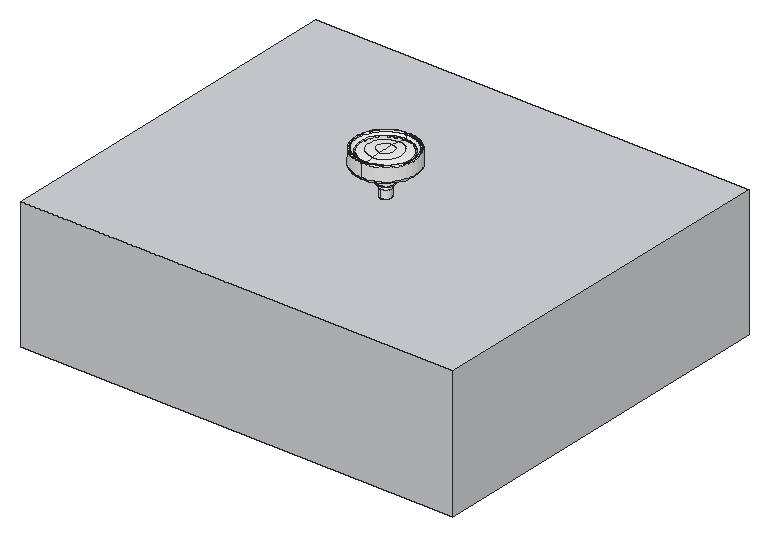
Revit family
Parameters (values of type "Chrome-Polished_Chrome-CP")
  Width = 0' - 5 1/2"
  WFU = 0
  URL = "http://www.us.kohler.com"
  Product Page URL = "http://www.us.kohler.com/onlinecatalog/detail.jsp?prod_num=965-AK"
  Product Documentation Link = "http://www.us.kohler.com/onlinecatalog/pdf/1147270_4.pdf"
  Model = "K-965-AK"  # constant formula
  Manufacturer = "Kohler"  # constant formula
  Length = 0' - 3 15/16"
  Hot Water Radius = 3/16"
  Hot Water Diameter = Hot Water Radius * 2  # 3/8"
  Hot Water Connector = "Hot Water Connection"  # constant formula
  Height = 0' - 5 1/2"
  HWFU = 0
  HW Connection = yes
  Finish = Chrome-Kohler-CP-Polished_Chrome
  Description = "Purist(R) single-function Katalyst showerhead"  # constant formula
  Default Elevation = 0' - 0"
  Created By = "http://medialab3dstudio.com/"
  Cold Water Radius = 3/16"
  Cold Water Diameter = Cold Water Radius * 2  # 3/8"
  Cold Water Connector = "Cold Water Connection"  # constant formula
  CWFU = 0
  CW Connection = yes
  Assembly Code = "D2010"
  Actual Valve Water Flow = 2.5 GPM
  ADA Compliant = yes
Types (6): name | Finish
  (no name) | Chrome-Kohler-CP-Polished_Chrome
  Chrome-Brushed_Chrome-G | Chrome-Kohler-G-Brushed_Chrome
  Chrome-Polished_Chrome-CP | Chrome-Kohler-CP-Polished_Chrome
  Gold-Vibrant_French_Gold-AF | Gold-Kohler-AF-Vibrant_French_Gold
  Nickel-Vibrant_Brushed_Nickel-BN | Nickel-Kohler-BN-Vibrant_Brushed_Nickel
  Nickel-Vibrant_Polished_Nickel-SN | Nickel-Kohler-SN-Vibrant_Polished_Nickel
Reference planes (in)
  plane 1 "Center (Front/Back)": y = 0
  plane 2: z = 0
  plane 3 "Center (Left/Right)": x = 0
  plane 4: x = -2.75
  plane 5: x = 2.75
  plane 6: y = 2.75
  plane 7: y = -2.75
  plane 8: z = 3.9375
  plane 9: y = 0.4999
  plane 10: z = 0.0202
  plane 11: z = 0.75881
  plane 12: z = 0.97338
  plane 13: z = 1.09336
  plane 14: y = 0.35672
  plane 15: y = 0.33887
  plane 16: z = 1.17285
  plane 17: y = 0.66391
  plane 18: y = 0.73547
  plane 19: z = 1.21252
  plane 20: y = 0.7759
  plane 21: z = 1.85262
  plane 22: y = 0.78718
  plane 23: z = 2.65065
  plane 24: y = 1.75303
  plane 25: z = 2.67586
  plane 26: z = 2.65521
  plane 27: y = 2.64166
  plane 28: y = 2.76287
  plane 29: y = 2.74113
  plane 30: y = 2.70069
  plane 31: y = 0.41641
  plane 32: z = 2.28257
  plane 33: y = 0.88644
  plane 34: y = 1.12462
  plane 35: z = 2.52076
  plane 36: x = -0.5
  plane 37: z = 1.17267
  plane 38: x = -0.77573
  plane 39: z = 1.21329
  plane 40: z = 1.82678
  plane 41: z = 2.33102
  plane 42: x = -0.91216
  plane 43: x = -1.16871
  plane 44: z = 2.53878
  plane 45: x = -1.75303
  plane 46: z = 2.65065
  plane 47: x = -2.76427
  plane 48: z = 3.91736
  plane 49: x = -2.70067
  plane 50: z = 3.9579
  plane 51: z = 0.97615
  plane 52: x = -0.35007
  plane 53: x = -0.33967
  plane 54: z = 1.09492
  plane 55: x = 0.5
  plane 56: x = 0.77573
  plane 57: x = 0.91216
  plane 58: x = 1.16871
  plane 59: x = 1.75303
  plane 60: x = 2.76427
  plane 61: x = 2.70067
  plane 62: x = 0.35007
  plane 63: x = 0.33967
  plane 64: x = 0.25
  plane 65: x = -0.25
  plane 66: z = 0.18351
  plane 67: z = 3.95826
  plane 68: y = -2.70158
  plane 69: z = 3.91863
  plane 70: y = -2.74121
  plane 71: y = -2.76328
  plane 72: z = 2.65521
  plane 73: y = -1.75895
  plane 74: y = -1.24251
  plane 75: z = 2.5688
  plane 76: y = -0.92974
  plane 77: z = 2.3498
  plane 78: z = 1.85262
  plane 79: y = -0.78718
  plane 80: z = 1.21324
  plane 81: y = -0.77598
  plane 82: z = 1.17285
  plane 83: y = -0.7356
  plane 84: y = -0.4172
  plane 85: z = 1.094
  plane 86: y = -0.33835
  plane 87: y = -0.3553
  plane 88: z = 0.97338
  plane 89: z = 0.76267
  plane 90: y = -0.49999
  plane 91: y = 0.50003
  plane 92: y = 0.3553
  plane 93: y = 0.33835
  plane 94: y = 0.73547
  plane 95: y = 0.78718
  plane 96: y = 0.92974
  plane 97: y = 1.24251
  plane 98: y = 1.75895
  plane 99: y = 2.76323
  plane 100: y = 2.74119
  plane 101: y = 2.70156
  plane 102: y = 0.4172
  plane 103: y = 0.77513
  plane 104: y = 0.50003
  plane 105: z = 0.75881
  plane 106: z = 1.17285
  plane 107: x = -0.41761
Forms (in)
  Extrusion 1, solid
    sketch origin (0, 0, 0) x (1, 0, 0) y (0, 1, 0)
      loop
        line (-20, 17) -> (-20, -17.00591) -> (19.78131, -17.00591) -> (19.78131, 17) -> (-20, 17)
    from 0 to -12
  Revolve 2, solid, material "Chrome-Kohler-CP-Polished_Chrome" <- "Finish"
    sketch origin (0, 0, 0) x (0, 1, 0) y (0, 0, 1)
      loop
        line (0, 0) -> (0.48029, 0)
        arc (0.48029, 0) -> (0.49416, 0.00574) -> (0.4999, 0.0196) r 0.0196
        line (0.4999, 0.0196) -> (0.4999, 0.75881)
        arc (0.4999, 0.75881) -> (0.46082, 0.88779) -> (0.35672, 0.97338) r 0.23237
        arc (0.35672, 0.97338) -> (0.31388, 1.02832) -> (0.33887, 1.09336) r 0.07079
        arc (0.33887, 1.09336) -> (0.37979, 1.13101) -> (0.41641, 1.17285) r 0.51362
        line (0.41641, 1.17285) -> (0.73547, 1.17285)
        arc (0.73547, 1.17285) -> (0.76406, 1.1847) -> (0.7759, 1.21329) r 0.04043
        line (0.7759, 1.21329) -> (0.78718, 1.85262)
        arc (0.78718, 1.85262) -> (0.81423, 2.07281) -> (0.88644, 2.28257) r 1.06204
        arc (0.88644, 2.28257) -> (0.98452, 2.42267) -> (1.12462, 2.52076) r 0.4922
        arc (1.12462, 2.52076) -> (1.43125, 2.62236) -> (1.75303, 2.65065) r 1.39353
        line (1.75303, 2.65065) -> (2.62885, 2.65065)
        arc (2.62885, 2.65065) -> (2.64523, 2.65179) -> (2.6613, 2.65521) r 0.11773
        line (2.6613, 2.65521) -> (2.74113, 2.65521)
        arc (2.74113, 2.65521) -> (2.7565, 2.66158) -> (2.76287, 2.67695) r 0.02174
        line (2.76287, 2.67695) -> (0, 2.67695) -> (0, 0)
      axis (0, 2.67695) -> (0, 0)
    angle from 0 to 360
  Revolve 3, solid, material "Chrome-Kohler-CP-Polished_Chrome" <- "Finish"
    sketch origin (0, 0, 0) x (0, 1, 0) y (0, 0, 1)
      loop
        line (1.47736, 3.81599) -> (0.74018, 3.88708) -> (0, 3.91195) -> (0, 2.67695) -> (2.76287, 2.67695) -> (2.74121, 3.91736)
        arc (2.74121, 3.91736) -> (2.72919, 3.94639) -> (2.70016, 3.95842) r 0.04106
        line (2.70016, 3.95842) -> (2.60508, 3.95842)
        arc (2.60508, 3.95842) -> (2.57752, 3.94513) -> (2.56194, 3.91879) r 0.05283
        arc (2.56194, 3.91879) -> (2.44366, 3.77158) -> (2.26955, 3.69845) r 0.38447
        arc (2.26955, 3.69845) -> (2.2467, 3.68985) -> (2.23299, 3.66965) r 0.04038
        arc (2.23299, 3.66965) -> (2.2264, 3.68897) -> (2.20868, 3.69911) r 0.02888
        line (2.20868, 3.69911) -> (1.47736, 3.81599)
      axis (0, 3.95842) -> (0, 2.67695)
    angle from 0 to 360
  Extrusion 4, void
    sketch origin (0, 0, 0) x (1, 0, 0) y (0, 1, 0)
      loop
        arc (0.0625, 0) -> (0.11742, -0.13258) -> (0.25, -0.1875) r 0.1875
        arc (0.25, -0.1875) -> (0.38258, -0.13258) -> (0.4375, 0) r 0.1875
        arc (0.4375, 0) -> (0.38258, 0.13258) -> (0.25, 0.1875) r 0.1875
        arc (0.25, 0.1875) -> (0.11742, 0.13258) -> (0.0625, 0) r 0.1875
      loop
        arc (-0.25, 0.1875) -> (-0.38258, 0.13258) -> (-0.4375, 0) r 0.1875
        arc (-0.4375, 0) -> (-0.38258, -0.13258) -> (-0.25, -0.1875) r 0.1875
        arc (-0.25, -0.1875) -> (-0.11742, -0.13258) -> (-0.0625, 0) r 0.1875
        arc (-0.0625, 0) -> (-0.11742, 0.13258) -> (-0.25, 0.1875) r 0.1875
    from 0 to 0.18351
Cuts and joins
  Extrusion 4 cuts Revolve 2
  Extrusion 4 cuts Revolve 3
  joined: Revolve 2, Revolve 3
Lines and regions (in)
  Masking region 1, detail levels coarse
    outline origin (0, 0, 0) x (1, 0, 0) y (0, 1, 0)
      loop
        line (-2.75, 2.75) -> (-2.75, -2.75) -> (2.75, -2.75) -> (2.75, 2.75) -> (-2.75, 2.75)
  Masking region 2, detail levels medium+fine
    outline origin (0, 0, 0) x (1, 0, 0) y (0, 1, 0)
      loop
        circle (0, 0) r 2.74121
  Masking region 3, detail levels coarse
    outline origin (0, 0, 0) x (1, 0, 0) y (0, 0, 1)
      loop
        line (-2.75, 3.9375) -> (-2.75, 0) -> (2.75, 0) -> (2.75, 3.9375) -> (-2.75, 3.9375)
  Masking region 4, detail levels medium+fine
    outline origin (0, 0, 0) x (1, 0, 0) y (0, 0, 1)
      loop
        line (0, 0) -> (0.5, 0) -> (0.5, 0.75)
        arc (0.5, 0.75) -> (0.45911, 0.88567) -> (0.35007, 0.97615) r 0.24552
        arc (0.35007, 0.97615) -> (0.30912, 1.03241) -> (0.33967, 1.09492) r 0.06746
        arc (0.33967, 1.09492) -> (0.3828, 1.12971) -> (0.41779, 1.17267) r 0.26607
        line (0.41779, 1.17267) -> (0.73511, 1.17267)
        arc (0.73511, 1.17267) -> (0.76383, 1.18456) -> (0.77573, 1.21329) r 0.04062
        line (0.77573, 1.21329) -> (0.78644, 1.82678)
        arc (0.78644, 1.82678) -> (0.82057, 2.08606) -> (0.91216, 2.33102) r 1.15508
        arc (0.91216, 2.33102) -> (1.01836, 2.46216) -> (1.16871, 2.53878) r 0.40582
        arc (1.16871, 2.53878) -> (1.45542, 2.62319) -> (1.75303, 2.65065) r 1.54008
        line (1.75303, 2.65065) -> (2.76427, 2.65065) -> (2.74121, 3.91736)
        arc (2.74121, 3.91736) -> (2.72934, 3.94603) -> (2.70067, 3.9579) r 0.04054
        line (2.70067, 3.9579) -> (0, 3.9579) -> (-2.70067, 3.9579)
        arc (-2.70067, 3.9579) -> (-2.72934, 3.94603) -> (-2.74121, 3.91736) r 0.04054
        line (-2.74121, 3.91736) -> (-2.76427, 2.65065) -> (-1.75303, 2.65065)
        arc (-1.75303, 2.65065) -> (-1.45542, 2.62319) -> (-1.16871, 2.53878) r 1.54008
        arc (-1.16871, 2.53878) -> (-1.01836, 2.46216) -> (-0.91216, 2.33102) r 0.40582
        arc (-0.91216, 2.33102) -> (-0.82057, 2.08606) -> (-0.78644, 1.82678) r 1.15508
        line (-0.78644, 1.82678) -> (-0.77573, 1.21329)
        arc (-0.77573, 1.21329) -> (-0.76383, 1.18456) -> (-0.73511, 1.17267) r 0.04062
        line (-0.73511, 1.17267) -> (-0.41779, 1.17267)
        arc (-0.41779, 1.17267) -> (-0.3828, 1.12971) -> (-0.33967, 1.09492) r 0.26607
        arc (-0.33967, 1.09492) -> (-0.30912, 1.03241) -> (-0.35007, 0.97615) r 0.06746
        arc (-0.35007, 0.97615) -> (-0.45911, 0.88567) -> (-0.5, 0.75) r 0.24552
        line (-0.5, 0.75) -> (-0.5, 0) -> (0, 0)
  Masking region 5, detail levels coarse
    outline origin (0, 0, 0) x (0, 1, 0) y (0, 0, 1)
      loop
        line (2.75, 3.9375) -> (-2.75, 3.9375) -> (-2.75, 0) -> (2.75, 0) -> (2.75, 3.9375)
  Masking region 6, detail levels medium+fine
    outline origin (0, 0, 0) x (0, 1, 0) y (0, 0, 1)
      loop
        line (-0.49999, 0) -> (0.50003, 0) -> (0.50003, 0.76267)
        arc (0.50003, 0.76267) -> (0.45939, 0.88981) -> (0.3553, 0.97338) r 0.23147
        arc (0.3553, 0.97338) -> (0.312, 1.02879) -> (0.33835, 1.094) r 0.07032
        arc (0.33835, 1.094) -> (0.38018, 1.13101) -> (0.4172, 1.17285) r 0.45753
        line (0.4172, 1.17285) -> (0.73547, 1.17285)
        arc (0.73547, 1.17285) -> (0.76377, 1.18473) -> (0.77513, 1.21324) r 0.03966
        line (0.77513, 1.21324) -> (0.78718, 1.85262)
        arc (0.78718, 1.85262) -> (0.82591, 2.11055) -> (0.92974, 2.3498) r 1.00438
        arc (0.92974, 2.3498) -> (1.07084, 2.48113) -> (1.24251, 2.5688) r 0.69706
        arc (1.24251, 2.5688) -> (1.4971, 2.6337) -> (1.75895, 2.65521) r 1.56886
        line (1.75895, 2.65521) -> (2.76323, 2.65521) -> (2.74119, 3.91863)
        arc (2.74119, 3.91863) -> (2.72958, 3.94665) -> (2.70156, 3.95826) r 0.03963
        line (2.70156, 3.95826) -> (-2.70158, 3.95826)
        arc (-2.70158, 3.95826) -> (-2.7296, 3.94665) -> (-2.74121, 3.91863) r 0.03963
        line (-2.74121, 3.91863) -> (-2.76328, 2.65521) -> (-1.75895, 2.65521)
        arc (-1.75895, 2.65521) -> (-1.4971, 2.6337) -> (-1.24251, 2.5688) r 1.56886
        arc (-1.24251, 2.5688) -> (-1.07084, 2.48113) -> (-0.92974, 2.3498) r 0.69706
        arc (-0.92974, 2.3498) -> (-0.82574, 2.11059) -> (-0.78718, 1.85262) r 0.99938
        line (-0.78718, 1.85262) -> (-0.77598, 1.21324)
        arc (-0.77598, 1.21324) -> (-0.76415, 1.18468) -> (-0.7356, 1.17285) r 0.04038
        line (-0.7356, 1.17285) -> (-0.4172, 1.17285)
        arc (-0.4172, 1.17285) -> (-0.38018, 1.13101) -> (-0.33835, 1.094) r 0.45753
        arc (-0.33835, 1.094) -> (-0.312, 1.02879) -> (-0.3553, 0.97338) r 0.07032
        arc (-0.3553, 0.97338) -> (-0.45938, 0.88981) -> (-0.49999, 0.76267) r 0.23142
        line (-0.49999, 0.76267) -> (-0.49999, 0)
  symbolic lines, style "Masking Lines", detail levels fine
    curve 1: arc (0, 0.41641, 0) -> (0.41641, 0, 0) -> (0, -0.41641, 0) r 0.41641
    curve 2: arc (0, -0.41641, 0) -> (-0.41641, 0, 0) -> (0, 0.41641, 0) r 0.41641
    curve 3: arc (0, 2.26955, 0) -> (-2.26955, 0, 0) -> (0, -2.26955, 0) r 2.26955
    curve 4: arc (0, -2.26955, 0) -> (2.26955, 0, 0) -> (0, 2.26955, 0) r 2.26955
    curve 5: arc (0, 2.56194, 0) -> (-2.56194, 0, 0) -> (0, -2.56194, 0) r 2.56194
    curve 6: arc (0, -2.56194, 0) -> (2.56194, 0, 0) -> (0, 2.56194, 0) r 2.56194
    curve 7: arc (0, -2.6613, 0) -> (-2.6613, 0, 0) -> (0, 2.6613, 0) r 2.6613
    curve 8: arc (0, 2.6613, 0) -> (2.6613, 0, 0) -> (0, -2.6613, 0) r 2.6613
    curve 9: line (0.41484, 0, 1.17285) -> (-0.41761, 0, 1.17285)
    curve 10: line (1.75, 0, 2.65521) -> (-1.75, 0, 2.65521)
    curve 11: line (0, 0.78711, 1.85262) -> (0, -0.78716, 1.85262)
    curve 12: line (0, 1.84897, 2.65521) -> (0, -1.75303, 2.65521)
    curve 13: line (0, 0.73547, 1.17285) -> (0, -0.73547, 1.17285)
    curve 14: line (0, 0.19483, 0.75881) -> (0, 0.19483, 0.17593)
    curve 15: arc (0, 0.19483, 0.17593) -> (0, 0, 0.13373) -> (0, -0.19483, 0.17593) r 0.47078
    curve 16: line (0, 0.19483, 0.75881) -> (0, -0.19483, 0.75881)
    curve 17: line (0, -0.19483, 0.17593) -> (0, -0.19483, 0.75881)
    curve 18: line (0, 0.50003, 0.75881) -> (0, 0.19483, 0.75881)
    curve 19: line (0, -0.19483, 0.75881) -> (0, -0.50003, 0.75881)
    curve 20: line (0, 0.35672, 0.97338) -> (0, -0.3568, 0.97338)
    curve 21: line (0, 0.33893, 1.09336) -> (0, -0.33891, 1.09336)
  symbolic lines, style "Masking Lines", not visible, detail levels fine
    curve 22: line (0, 0.78711, 1.85262) -> (0, -0.78716, 1.85262)
    curve 23: line (0, 1.84897, 2.65521) -> (0, -1.75303, 2.65521)
    curve 24: line (0, 0.73547, 1.17285) -> (0, -0.73547, 1.17285)
    curve 25: line (0, 0.19483, 0.75881) -> (0, 0.19483, 0.17593)
    curve 26: arc (0, 0.19483, 0.17593) -> (0, 0, 0.13373) -> (0, -0.19483, 0.17593) r 0.47078
    curve 27: line (0, 0.19483, 0.75881) -> (0, -0.19483, 0.75881)
    curve 28: line (0, -0.19483, 0.17593) -> (0, -0.19483, 0.75881)
    curve 29: line (0, 0.50003, 0.75881) -> (0, 0.19483, 0.75881)
    curve 30: line (0, -0.19483, 0.75881) -> (0, -0.50003, 0.75881)
    curve 31: line (0, 0.35672, 0.97338) -> (0, -0.3568, 0.97338)
    curve 32: line (0, 0.33893, 1.09336) -> (0, -0.33891, 1.09336)
    curve 33: line (0.41484, 0, 1.17285) -> (-0.41761, 0, 1.17285)
    curve 34: line (1.75, 0, 2.65521) -> (-1.75, 0, 2.65521)
Dimensions and locks (in)
  equal spacing: plane 4, plane 3 "Center (Left/Right)", plane 5
  "Width": plane 4 to plane 5
  equal spacing: plane 6, plane 1 "Center (Front/Back)", plane 7
  "Height": plane 6 to plane 7
  "Length": plane 8 to plane 2
  plane 28 to plane 29 to plane 30 to plane 27 to plane 24 to plane 34 to plane 33 to plane 22 to plane 20 to plane 18 to plane 17 to plane 9 to plane 31 to plane 14 to plane 15 to plane 1 "Center (Front/Back)" = 0' - 0.02174" locked, 0' - 0.04043" locked, 0' - 0.05903" locked, 0' - 0.88864" locked, 0' - 0.6284" locked, 0' - 0.23819" locked, 0' - 0.09926" locked, 0' - 0.01127" locked, 0' - 0.04043" locked, 0' - 0.07155" locked, 0' - 0.16402" locked, 0' - 0.08348" locked, 0' - 0.05969" locked, 0' - 0.01786" locked, 0' - 0.33887" locked
  plane 25 to plane 26 to plane 23 to plane 35 to plane 32 to plane 21 to plane 19 to plane 16 to plane 13 to plane 12 to plane 11 to plane 10 to plane 2 = 0' - 0.02065" locked, 0' - 0.00456" locked, 0' - 0.12989" locked, 0' - 0.23819" locked, 0' - 0.42995" locked, 0' - 0.64011" locked, 0' - 0.03966" locked, 0' - 0.07949" locked, 0' - 0.11999" locked, 0' - 0.21457" locked, 0' - 0.73861" locked, 0' - 0.0202" locked
  locked: plane 66 to plane 2 at 0.18351
  plane 65 to plane 3 "Center (Left/Right)" to plane 64 = 0' - 0 1/4" locked, 0' - 0 1/4" locked
  plane 99 to plane 100 to plane 101 to plane 98 to plane 97 to plane 96 to plane 95 to plane 103 to plane 94 to plane 91 to plane 102 to plane 92 to plane 93 to plane 1 "Center (Front/Back)" to plane 86 to plane 87 to plane 84 to plane 90 to plane 83 to plane 81 to plane 79 to plane 76 to plane 74 to plane 73 to plane 68 to plane 70 to plane 71 = 0' - 0.02204" locked, 0' - 0.03963" locked, 0' - 0.94261" locked, 0' - 0.51644" locked, 0' - 0.31277" locked, 0' - 0.14256" locked, 0' - 0.01205" locked, 0' - 0.03966" locked, 0' - 0.23544" locked, 0' - 0.08283" locked, 0' - 0.0619" locked, 0' - 0.01695" locked, 0' - 0.33835" locked, 0' - 0.33835" locked, 0' - 0.01695" locked, 0' - 0.0619" locked, 0' - 0.08279" locked, 0' - 0.2356" locked, 0' - 0.04038" locked, 0' - 0.0112" locked, 0' - 0.14256" locked, 0' - 0.31277" locked, 0' - 0.51644" locked, 0' - 0.94262" locked, 0' - 0.03963" locked, 0' - 0.02207" locked
  plane 67 to plane 69 to plane 72 to plane 75 to plane 77 to plane 78 to plane 80 to plane 82 to plane 85 to plane 88 to plane 89 to plane 2 = 0' - 0.03963" locked, 0' - 1.26342" locked, 0' - 0.08641" locked, 0' - 0.21901" locked, 0' - 0.49717" locked, 0' - 0.63939" locked, 0' - 0.04038" locked, 0' - 0.07885" locked, 0' - 0.12062" locked, 0' - 0.21071" locked, 0' - 0.76267" locked
  radius of Masking region 4 sketch curve = 0' - 0.04054"
  radius of Masking region 4 sketch curve = 0' - 1.54008"  (x2)
  radius of Masking region 4 sketch curve = 0' - 0.40582"  (x2)
  radius of Masking region 4 sketch curve = 0' - 1.15508"  (x2)
  radius of Masking region 4 sketch curve = 0' - 0.26607"  (x2)
  radius of Masking region 4 sketch curve = 0' - 0.06746"  (x2)
  radius of Masking region 4 sketch curve = 0' - 0.24552"  (x2)
  radius of Masking region 4 sketch curve = 0' - 0.04062"
  "Cold Water Radius": radius of Extrusion 4 sketch curve
  "Hot Water Radius": radius of Extrusion 4 sketch curve
  aligned and locked: plane 2 to Extrusion 1
  aligned and locked: level to Extrusion 1
  aligned and locked: plane 2 to Revolve 2 sketch curve
  aligned and locked: Revolve 2 sketch curve to plane 9
  aligned and locked: plane 9 to Revolve 2 sketch curve
  aligned and locked: plane 12 to Revolve 2 sketch curve
  aligned and locked: plane 14 to Revolve 2 sketch curve
  aligned and locked: plane 11 to Revolve 2 sketch curve
  aligned and locked: plane 13 to Revolve 2 sketch curve
  aligned and locked: plane 15 to Revolve 2 sketch curve
  aligned and locked: plane 31 to Revolve 2 sketch curve
  aligned and locked: plane 16 to Revolve 2 sketch curve  (x2)
  aligned and locked: plane 18 to Revolve 2 sketch curve
  aligned and locked: plane 20 to Revolve 2 sketch curve
  aligned and locked: plane 22 to Revolve 2 sketch curve
  aligned and locked: plane 21 to Revolve 2 sketch curve
  aligned and locked: plane 33 to Revolve 2 sketch curve
  aligned and locked: plane 32 to Revolve 2 sketch curve
  aligned and locked: plane 34 to Revolve 2 sketch curve
  aligned and locked: plane 35 to Revolve 2 sketch curve
  aligned and locked: plane 24 to Revolve 2 sketch curve
  aligned and locked: plane 23 to Revolve 2 sketch curve
  aligned and locked: Revolve 2 sketch curve to plane 26
  aligned and locked: plane 29 to Revolve 2 sketch curve
  aligned and locked: plane 26 to Revolve 2 sketch curve
  aligned and locked: Revolve 2 sketch curve to plane 1 "Center (Front/Back)"
  aligned and locked: Revolve 2 sketch curve to Revolve 3
  aligned and locked: Masking region 1 sketch curve to plane 6
  aligned and locked: plane 5 to Masking region 1 sketch curve
  aligned and locked: plane 7 to Masking region 1 sketch curve
  aligned and locked: plane 4 to Masking region 1 sketch curve
  aligned and locked: Masking region 2 sketch curve to cut or joined group of Revolve 2, Revolve 3, Extrusion 4  (x2)
  aligned and locked: curve 1 to cut or joined group of Revolve 2, Revolve 3, Extrusion 4
  aligned and locked: curve 2 to cut or joined group of Revolve 2, Revolve 3, Extrusion 4
  aligned and locked: curve 3 to cut or joined group of Revolve 2, Revolve 3, Extrusion 4
  aligned and locked: curve 4 to cut or joined group of Revolve 2, Revolve 3, Extrusion 4
  aligned and locked: curve 5 to cut or joined group of Revolve 2, Revolve 3, Extrusion 4
  aligned and locked: curve 6 to cut or joined group of Revolve 2, Revolve 3, Extrusion 4
  aligned and locked: curve 7 to cut or joined group of Revolve 2, Revolve 3, Extrusion 4
  aligned and locked: curve 8 to cut or joined group of Revolve 2, Revolve 3, Extrusion 4
  aligned and locked: Masking region 3 sketch curve to plane 8
  aligned and locked: plane 5 to Masking region 3 sketch curve
  aligned and locked: plane 2 to Masking region 3 sketch curve
  aligned and locked: plane 4 to Masking region 3 sketch curve
  aligned and locked: plane 36 to Masking region 4 sketch curve  (x2)
  aligned and locked: plane 39 to cut or joined group of Revolve 2, Revolve 3, Extrusion 4
  aligned and locked: plane 46 to cut or joined group of Revolve 2, Revolve 3, Extrusion 4
  aligned and locked: plane 48 to cut or joined group of Revolve 2, Revolve 3, Extrusion 4
  aligned and locked: plane 51 to Masking region 4 sketch curve
  aligned and locked: plane 52 to Masking region 4 sketch curve
  aligned and locked: plane 54 to Masking region 4 sketch curve  (x2)
  aligned and locked: plane 53 to Masking region 4 sketch curve
  aligned and locked: Masking region 4 sketch curve to plane 37
  aligned and locked: plane 37 to Masking region 4 sketch curve  (x3)
  aligned and locked: plane 38 to Masking region 4 sketch curve
  aligned and locked: plane 39 to Masking region 4 sketch curve  (x2)
  aligned and locked: plane 40 to Masking region 4 sketch curve  (x2)
  aligned and locked: plane 42 to Masking region 4 sketch curve
  aligned and locked: plane 41 to Masking region 4 sketch curve  (x2)
  aligned and locked: plane 43 to Masking region 4 sketch curve
  aligned and locked: plane 44 to Masking region 4 sketch curve  (x2)
  aligned and locked: plane 46 to Masking region 4 sketch curve  (x3)
  aligned and locked: plane 45 to Masking region 4 sketch curve
  aligned and locked: plane 47 to Masking region 4 sketch curve
  aligned and locked: plane 48 to Masking region 4 sketch curve  (x2)
  aligned and locked: plane 49 to Masking region 4 sketch curve
  aligned and locked: plane 50 to Masking region 4 sketch curve  (x2)
  aligned and locked: Masking region 4 sketch curve to plane 55
  aligned and locked: Masking region 4 sketch curve to plane 62
  aligned and locked: Masking region 4 sketch curve to plane 63
  aligned and locked: Masking region 4 sketch curve to plane 56
  aligned and locked: Masking region 4 sketch curve to plane 57
  aligned and locked: Masking region 4 sketch curve to plane 58
  aligned and locked: Masking region 4 sketch curve to plane 60
  aligned and locked: Masking region 4 sketch curve to plane 61
  aligned and locked: Masking region 4 sketch curve to plane 2
  aligned and locked: plane 55 to Masking region 4 sketch curve
  aligned and locked: plane 62 to Masking region 4 sketch curve
  aligned and locked: plane 63 to Masking region 4 sketch curve
  aligned and locked: plane 57 to Masking region 4 sketch curve
  aligned and locked: plane 59 to Masking region 4 sketch curve
  aligned and locked: Masking region 5 sketch curve to plane 8
  aligned and locked: plane 7 to Masking region 5 sketch curve
  aligned and locked: plane 2 to Masking region 5 sketch curve
  aligned and locked: Masking region 5 sketch curve to plane 6
  aligned and locked: Masking region 6 sketch curve to cut or joined group of Revolve 2, Revolve 3, Extrusion 4
  aligned and locked: cut or joined group of Revolve 2, Revolve 3, Extrusion 4 to Masking region 6 sketch curve
  aligned and locked: plane 65 to Extrusion 4 sketch curve  (x2)
  aligned and locked: plane 1 "Center (Front/Back)" to Extrusion 4 sketch curve  (x4)
  aligned and locked: plane 64 to Extrusion 4 sketch curve  (x2)
  aligned and locked: Extrusion 4 to plane 2
  aligned and locked: Extrusion 4 to plane 66
  aligned and locked: plane 101 to Masking region 6 sketch curve
  aligned and locked: plane 67 to Masking region 6 sketch curve  (x2)
  aligned and locked: plane 68 to Masking region 6 sketch curve
  aligned and locked: plane 70 to Masking region 6 sketch curve
  aligned and locked: plane 69 to Masking region 6 sketch curve  (x2)
  aligned and locked: plane 71 to Masking region 6 sketch curve
  aligned and locked: plane 72 to Masking region 6 sketch curve  (x2)
  aligned and locked: plane 73 to Masking region 6 sketch curve
  aligned and locked: plane 75 to Masking region 6 sketch curve  (x2)
  aligned and locked: plane 74 to Masking region 6 sketch curve
  aligned and locked: plane 77 to Masking region 6 sketch curve
  aligned and locked: plane 76 to Masking region 6 sketch curve
  aligned and locked: plane 78 to Masking region 6 sketch curve  (x2)
  aligned and locked: plane 79 to Masking region 6 sketch curve
  aligned and locked: plane 80 to Masking region 6 sketch curve  (x2)
  aligned and locked: plane 81 to Masking region 6 sketch curve
  aligned and locked: plane 82 to Masking region 6 sketch curve  (x4)
  aligned and locked: plane 84 to Masking region 6 sketch curve
  aligned and locked: plane 86 to Masking region 6 sketch curve
  aligned and locked: plane 85 to Masking region 6 sketch curve  (x2)
  aligned and locked: plane 87 to Masking region 6 sketch curve
  aligned and locked: plane 88 to Masking region 6 sketch curve  (x2)
  aligned and locked: plane 90 to Masking region 6 sketch curve
  aligned and locked: plane 89 to Masking region 6 sketch curve  (x2)
  aligned and locked: Masking region 6 sketch curve to plane 90
  aligned and locked: plane 2 to Masking region 6 sketch curve
  aligned and locked: Masking region 6 sketch curve to plane 91
  aligned and locked: plane 91 to Masking region 6 sketch curve
  aligned and locked: plane 92 to Masking region 6 sketch curve
  aligned and locked: plane 93 to Masking region 6 sketch curve
  aligned and locked: plane 102 to Masking region 6 sketch curve
  aligned and locked: plane 94 to Masking region 6 sketch curve
  aligned and locked: plane 103 to Masking region 6 sketch curve
  aligned and locked: plane 95 to Masking region 6 sketch curve
  aligned and locked: plane 97 to Masking region 6 sketch curve
  aligned and locked: plane 98 to Masking region 6 sketch curve
  aligned and locked: plane 99 to Masking region 6 sketch curve
  aligned and locked: plane 100 to Masking region 6 sketch curve
  aligned and locked: plane 104 to curve 18
  aligned and locked: plane 105 to curve 18
  aligned and locked: plane 107 to curve 9
  aligned and locked: curve 9 to plane 106
Automatic sketch dimensions
  Extrusion 1 sketch curve to Extrusion 1 sketch curve = 3' - 3.78131"
  Extrusion 1 sketch curve to Extrusion 1 sketch curve = 2' - 10.00591"
  Revolve 3 sketch curve to plane 1 "Center (Front/Back)" = 0' - 0"  (x2)
  Revolve 3 sketch curve to plane 8 = 0' - 0.05042"
  Revolve 3 sketch curve to plane 1 "Center (Front/Back)" = 0' - 0.74018"
  Revolve 3 sketch curve to plane 8 = 0' - 0.12151"
  Revolve 3 sketch curve to Revolve 3 sketch curve = 0' - 0.73718"
  Revolve 3 sketch curve to plane 8 = 0' - 0.26691"
  Revolve 3 sketch curve to plane 6 = 0' - 0.54588"
  Revolve 3 sketch curve to plane 8 = 0' - 0.23839"
  Revolve 3 sketch curve to Revolve 3 sketch curve = 0' - 0.00456"
  plane 8 to Revolve 3 sketch curve = 0' - 0.14113"
  Revolve 3 sketch curve to Revolve 3 sketch curve = 0' - 0.0036"
  Revolve 3 sketch curve to Revolve 3 sketch curve = 0' - 0.02887"
  Revolve 3 sketch curve to Revolve 3 sketch curve = 0' - 0.03656"
  Revolve 3 sketch curve to Revolve 3 sketch curve = 0' - 0.0387"
  Revolve 3 sketch curve to plane 8 = 0' - 0.01871"
  Revolve 3 sketch curve to plane 6 = 0' - 0.18806"
  plane 8 to Revolve 3 sketch curve = 0' - 0.02092"
  Revolve 3 sketch curve to Revolve 3 sketch curve = 0' - 0.04314"
  Revolve 3 sketch curve to plane 8 = 0' - 0.03128"
  Revolve 3 sketch curve to plane 6 = 0' - 0.04984"
  Revolve 3 sketch curve to plane 6 = 0' - 0.00879"
  plane 6 to Revolve 3 sketch curve = 0' - 0.01287"
  Revolve 3 sketch curve to plane 8 = 0' - 1.26055"
  Revolve 3 sketch curve to Revolve 3 sketch curve = 0' - 0"  (x2)
  Revolve 3 sketch curve to plane 8 = 0' - 0.02555"
  Revolve 2 sketch curve to plane 1 "Center (Front/Back)" = 0' - 0"
  plane 13 to Revolve 2 sketch curve = 0' - 0"
  plane 12 to Revolve 2 sketch curve = 0' - 0"
  Revolve 2 sketch curve to plane 22 = 0' - 0"
  plane 32 to Revolve 2 sketch curve = 0' - 0"
  Revolve 2 sketch curve to plane 34 = 0' - 0"
  Revolve 2 sketch curve to level = 0' - 0"
  Revolve 2 sketch curve to plane 9 = 0' - 0.0196"
  Revolve 2 sketch curve to Revolve 2 sketch curve = 0' - 0.20793"
  Revolve 2 sketch curve to plane 27 = 0' - 0.01281"
  plane 27 to Revolve 2 sketch curve = 0' - 0.01964"
  Revolve 2 sketch curve to Revolve 2 sketch curve = 0' - 0"
  Masking region 4 sketch curve to plane 41 = 0' - 0"
  Masking region 4 sketch curve to plane 51 = 0' - 0"
  Masking region 4 sketch curve to plane 3 "Center (Left/Right)" = 0' - 0"  (x2)
  Masking region 4 sketch curve to Masking region 4 sketch curve = 0' - 0"
  Masking region 6 sketch curve to plane 74 = 0' - 0"
  Masking region 6 sketch curve to plane 87 = 0' - 0"
  Masking region 6 sketch curve to plane 85 = 0' - 0"  (x2)
  Masking region 6 sketch curve to plane 88 = 0' - 0"
  plane 77 to Masking region 6 sketch curve = 0' - 0"
  plane 96 to Masking region 6 sketch curve = 0' - 0"
  Masking region 6 sketch curve to plane 97 = 0' - 0"
  Masking region 6 sketch curve to plane 78 = 0' - 0.0175"
  plane 73 to Masking region 6 sketch curve = 0' - 0.00296"
  Masking region 6 sketch curve to Masking region 6 sketch curve = 0' - 0.0433"
  Masking region 6 sketch curve to plane 1 "Center (Front/Back)" = 0' - 0.05666"
  plane 78 to Masking region 6 sketch curve = 0' - 0.05751"
  Masking region 6 sketch curve to plane 78 = 0' - 0.01893"
Connectors (in)
  piping at (0.25, 0, 0), driven by "Actual Valve Water Flow", driven by "Cold Water Radius", driven by "CW Connection", driven by "Cold Water Connector", driven by "CWFU"
    settings: on cut or joined group of Revolve 2, Revolve 3, Extrusion 4, index 1, connector radius 3/16", flow factor 0, pipe flow 2.5 GPM, pressure drop 0.00 psi, fitting loss kfactor 0, connector angle 0.00°, fixture units 0, flow configuration 3, flow direction 1, fitting loss method 0, system type 20, connector reference index -1, connector utility 1, adjustable connector no, is connector primary yes, fitting loss table "", connector description "Cold Water Connection"
  piping at (-0.25, 0, 0), driven by "Actual Valve Water Flow", driven by "Hot Water Radius", driven by "HW Connection", driven by "Hot Water Connector", driven by "HWFU"
    settings: on cut or joined group of Revolve 2, Revolve 3, Extrusion 4, index 2, connector radius 3/16", flow factor 0, pipe flow 2.5 GPM, pressure drop 0.00 psi, fitting loss kfactor 0, connector angle 0.00°, fixture units 0, flow configuration 3, flow direction 1, fitting loss method 0, system type 19, connector reference index -1, connector utility 1, adjustable connector no, is connector primary no, fitting loss table "", connector description "Hot Water Connection"
